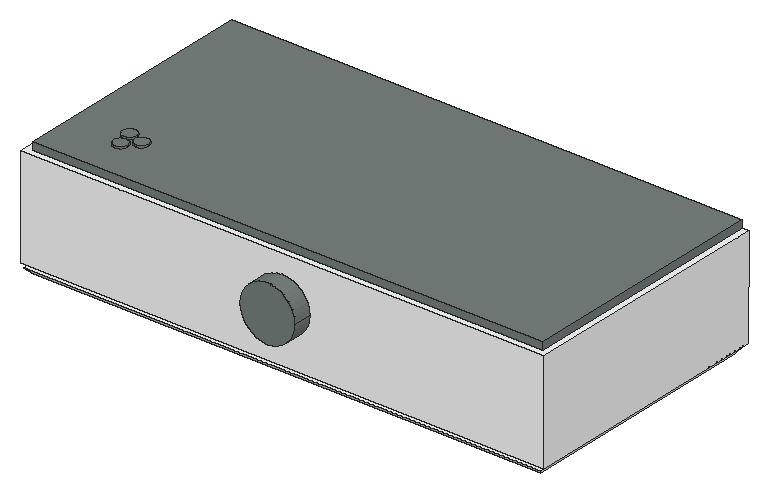
Revit family "AM 150 HHLDIDE", category Mechanical Equipment, Revit 2019
Family settings
  Round Connector Dimension = Use Diameter
  Part Type = Normal
  OmniClass Number = 23.75.00.00
  OmniClass Title = Climate Control (HVAC)
  Work Plane-Based = No
  Always vertical = Yes
  Cut with Voids When Loaded = No
  Shared = No
  Room Calculation Point = No
Parameters
  publication date = "09.10.2024"
  Weight (Standard Unit) = 47  # constant formula
  Water Heater Surface Return = 15 mm  # constant formula
  Water Heater Surface IN = 15 mm  # constant formula
  Version number = "1"
  URL = "https://www.airmaster-as.com/products/ventilation-units-wall-mounted/am-150"
  Total Width = 1170 mm  # constant formula
  Total Hight = 262 mm  # constant formula
  Suply Air In = 160 mm  # constant formula
  Return Air = 125 mm  # constant formula
  Phase 1 - Max Power Consumption = "1175 W"
  Phase 1 - Max Current = "7,97 A"
  Nominal current, electrical preheating surface = "4,35 A"
  Nominal current, electrical comfort heating surface = "2,17 A"
  Nominal current, air handling unit = "1,45 A"
  Network Conection = "AWG 24 CAT 5e STP"
  Model = "AM 150 HHLDIDE"
  Max. flow rate 35 dB(A) with ePM10 80% filters = 120.00 m³  # constant formula
  Max. flow rate 35 dB(A) with ePM10 55% filters = 137.00 m³  # constant formula
  Max. flow rate 35 dB(A) with ePM10 50% filters = 156.00 m³  # constant formula
  Max. flow rate 30 dB(A) with ePM10 80% filters = 91.00 m³  # constant formula
  Max. flow rate 30 dB(A) with ePM10 55% filters = 98.00 m³  # constant formula
  Max. flow rate 30 dB(A) with ePM10 50% filters = 123.00 m³  # constant formula
  Manufacturer = "Airmaster A/S"
  Maintenance [instance] = no
  Exhaust Air = 160 mm  # constant formula
  Total Depth = 571 mm  # constant formula
  Electrical connection = "1 ~ 230 V / N / PE / 50 Hz"
  Drawn By = "LSB"
  Condensate = 6 mm  # constant formula
  BMS Panel = "(PTS) 2x2x0,6"
  BMS Out = "(PTS) 2x2x0,6"
  BMS IN = "(PTS) 2x2x0,6"
  Airlow area [instance] = no
Reference planes
  plane 1 "Center (Front/Back)": y = 0
  plane 2: z = 0
  plane 3 "Center (Left/Right)": x = 0
  plane 4 "Center L/S": y = -571
  plane 5 "Center L/T": x = -585
  plane 6 "Center L/U": x = 585
  plane 7 "TOP": z = 262
  plane 8 "Center L/V": x = -570
  plane 9 "Center L/W": y = -556
  plane 10 "Center L/X": x = 570
  plane 11 "Panel Buttom": z = 20.747
  plane 12 "Panel Top": z = 246.501
  plane 13 "Hatch": z = 14.5
Forms (mm)
  Extrusion 1, solid, material "AM Grey"
    sketch origin (0, 0, 0) x (1, 0, 0) y (0, 1, 0)
      loop
        line (-570, 0) -> (-570, -556) -> (570, -556) -> (570, 0) -> (-570, 0)
    from 14.5 to 262
  Extrusion 2, solid, material "AM White"
    sketch origin (794.5, -1524, 20.747) x (0, -1, 0) y (-1, 0, 0)
      loop
        line (-953, 209.5) -> (-953, 1379.5) -> (-1524, 1379.5) -> (-1524, 1364.5) -> (-968, 1364.5) -> (-968, 224.5) -> (-1524, 224.5) -> (-1524, 209.5) -> (-953, 209.5)
    from 0 to -225.754
  Blend 3, solid, material "AM White"
    base sketch origin (-790.646, -1524, 14.5) x (0, -1, 0) y (1, 0, 0)
      loop
        line (-953, 212.613) -> (-953, 1368.657) -> (-1524, 1368.657) -> (-1524, 212.613) -> (-953, 212.613)
    top sketch origin (-790.646, -1524, 14.5) x (0, -1, 0) y (1, 0, 0)
      loop
        line (-968, 223.963) -> (-968, 1357.646) -> (-1509.161, 1357.646) -> (-1509.161, 223.963) -> (-968, 223.963)
    from 0 to -14.5
  Extrusion 4, solid, material "AM Grey"
    sketch origin (-570, 0, 15.499) x (1, 0, 0) y (0, 0, -1)
      loop
        circle (1050, -119.501) r 78
      loop
        circle (1050, -119.501) r 77.16
    from 0 to 18.45
  Extrusion 5, solid, material "AM Grey"
    sketch origin (-785, 0, 15.499) x (1, 0, 0) y (0, 0, -1)
      loop
        circle (305, -119.501) r 78
      loop
        circle (305, -119.501) r 77.16
    from 0 to 18.45
  Extrusion 6, solid, material "Maintenece", visible <- "Maintenance"
    sketch origin (-790.646, -1524, 0) x (1, 0, 0) y (0, -1, 0)
      loop
        line (205.646, -1524) -> (1375.646, -1524) -> (1375.646, -953) -> (205.646, -953) -> (205.646, -1524)
    from 0 to 1200
  Extrusion 7, solid, material "AM Grey"
    sketch origin (-876.982, -12.495, 262) x (1, 0, 0) y (0, 1, 0)
      loop
        circle (423.027, -417.273) r 15.55
    from 0 to 3
  Extrusion 8, solid, material "AM Grey"
    sketch origin (-866.134, 5.874, 262) x (1, 0, 0) y (0, 1, 0)
      loop
        circle (447.132, -446.023) r 15.55
    from 0 to 3
  Extrusion 9, solid, material "AM Grey"
    sketch origin (-855.713, -13.073, 262) x (1, 0, 0) y (0, 1, 0)
      loop
        circle (410.201, -452.535) r 15.55
    from 0 to 3
  Extrusion 10, solid, material "AM Grey"
    sketch origin (-585, 0, 20.747) x (0, -1, 0) y (0, 0, 1)
      loop
        circle (372, 125.253) r 62.5
    from 0 to 40
  Extrusion 11, solid, material "AM Grey"
    sketch origin (585, -571, 20.747) x (-1, 0, 0) y (0, 0, -1)
      loop
        circle (585, -122.253) r 61.5
    from 0 to 40
Dimensions and locks
  "Total Depth": plane 4 "Center L/S" to plane 1 "Center (Front/Back)"
  equal spacing: plane 5 "Center L/T", plane 3 "Center (Left/Right)", plane 6 "Center L/U"
  "Total Width": plane 5 "Center L/T" to plane 6 "Center L/U"
  "Total Hight": plane 7 "TOP" to level
  locked: plane 10 "Center L/X" to plane 6 "Center L/U" at 15
  locked: plane 4 "Center L/S" to plane 9 "Center L/W" at 15
  locked: plane 5 "Center L/T" to plane 8 "Center L/V" at 15
  Extrusion 1 to Blend 3 sketch curve = 14.839 mm
  plane 7 "TOP" to Extrusion 10 sketch curve = 116 mm
  plane 1 "Center (Front/Back)" to Extrusion 10 sketch curve = 372 mm
  Extrusion 11 sketch curve to plane 5 "Center L/T" = 585 mm
  plane 7 "TOP" to Extrusion 11 sketch curve = 119 mm
  "Return Air": diameter of Extrusion 10 sketch curve
  aligned and locked: level to plane 2
  aligned and locked: plane 1 "Center (Front/Back)" to Extrusion 1 sketch curve
  aligned and locked: plane 8 "Center L/V" to Extrusion 1 sketch curve
  aligned and locked: Extrusion 1 sketch curve to plane 9 "Center L/W"
  aligned and locked: Extrusion 1 sketch curve to plane 10 "Center L/X"
  aligned and locked: plane 7 "TOP" to Extrusion 1
  aligned and locked: plane 4 "Center L/S" to Extrusion 2 sketch curve
  aligned and locked: plane 6 "Center L/U" to Extrusion 2 sketch curve
  aligned and locked: Extrusion 2 sketch curve to Extrusion 1  (x2)
  aligned and locked: plane 1 "Center (Front/Back)" to Extrusion 2 sketch curve
  aligned and locked: Extrusion 2 to plane 12 "Panel Top"
  aligned and locked: Blend 3 to plane 2
  aligned and locked: plane 13 "Hatch" to Extrusion 1
Automatic sketch dimensions
  plane 1 "Center (Front/Back)" to Blend 3 sketch curve = 0 mm
  plane 4 "Center L/S" to Blend 3 sketch curve = 0 mm
  plane 5 "Center L/T" to Blend 3 sketch curve = 6.967 mm
  Blend 3 sketch curve to plane 6 "Center L/U" = 6.989 mm
  plane 9 "Center L/W" to Blend 3 sketch curve = 0 mm
  plane 8 "Center L/V" to Blend 3 sketch curve = 3.316 mm
  Blend 3 sketch curve to plane 10 "Center L/X" = 3 mm
  Extrusion 6 sketch curve to Blend 3 = 18.316 mm
  Extrusion 6 sketch curve to Blend 3 = 18 mm
  Extrusion 6 sketch curve to Blend 3 = 15 mm
  Extrusion 6 sketch curve to Blend 3 = 14.839 mm
  Extrusion 7 sketch curve to Extrusion 1 = 1023.955 mm
  Extrusion 7 sketch curve to Extrusion 1 = 126.232 mm
  Extrusion 8 sketch curve to Extrusion 1 = 989.002 mm
  Extrusion 8 sketch curve to Extrusion 1 = 115.851 mm
  Extrusion 9 sketch curve to Extrusion 1 = 1015.512 mm
  Extrusion 9 sketch curve to Extrusion 1 = 90.392 mm
  plane 1 "Center (Front/Back)" to Extrusion 2 sketch curve = 0 mm
  Extrusion 2 sketch curve to plane 8 "Center L/V" = 0 mm
  Extrusion 2 sketch curve to plane 5 "Center L/T" = 0 mm
  radius of Extrusion 7 sketch curve = 15.55 mm
  radius of Extrusion 8 sketch curve = 15.55 mm
  radius of Extrusion 9 sketch curve = 15.55 mm
  radius of Extrusion 11 sketch curve = 61.5 mm
Nested families
  nested 1: "Model Label 2019" at (0, -361.924, 0), Label <- "Model", type "Model Label 2019"
    with Label "AM 150 HHLDIDE"
Connectors
  electrical at (-453.955, -429.768, 262)
    settings: on Extrusion 7, index 13, voltage 230 V, apparent load 0 VA, apparent load phase1 0 VA, apparent load phase2 0 VA, apparent load phase3 0 VA, power factor 0.55, load classification "Other", number of poles 1, system type 30, power factor state 1, is connector primary yes, connector utility no, sub classification motor no, connector description ""
  electrical at (-419.002, -440.149, 262), driven by "BMS Out"
    settings: on Extrusion 8, index 14, voltage 0 V, apparent load 0 VA, apparent load phase1 0 VA, apparent load phase2 0 VA, apparent load phase3 0 VA, power factor 1, load classification "Other", number of poles 1, system type 5, power factor state 1, is connector primary no, connector utility no, sub classification motor no, connector description "(PTS) 2x2x0,6"
  electrical at (-445.512, -465.608, 262), driven by "BMS IN"
    settings: on Extrusion 9, index 15, voltage 0 V, apparent load 0 VA, apparent load phase1 0 VA, apparent load phase2 0 VA, apparent load phase3 0 VA, power factor 1, load classification "Other", number of poles 1, system type 5, power factor state 1, is connector primary no, connector utility no, sub classification motor no, connector description "(PTS) 2x2x0,6"
  hvac at (-585, -372, 146), driven by "Return Air"
    settings: on Extrusion 10, index 17, duct flow 0.0 L/s, flow factor 0, pres drop 0.0 Pa, loss coef 0, conn angle 0.00°, conn width 304.8 mm, conn height 304.8 mm, conn diameter 125 mm, duct sys type 2, conn prof type 0, flow config 0, flow direction 1, loss method 0, conn ref index -1, conn util no, is conn primary yes, conn desc ""
  hvac at (-480, 0, 135), driven by "Exhaust Air"
    settings: on Extrusion 5, index 18, duct flow 0.0 L/s, flow factor 0, pres drop 0.0 Pa, loss coef 0, conn angle 0.00°, conn width 304.8 mm, conn height 304.8 mm, conn diameter 160 mm, duct sys type 1, conn prof type 0, flow config 2, flow direction 2, loss method 0, conn ref index -1, conn util no, is conn primary no, conn desc ""
  hvac at (480, 0, 135), driven by "Suply Air In"
    settings: on Extrusion 4, index 19, duct flow 0.0 L/s, flow factor 0, pres drop 0.0 Pa, loss coef 0, conn angle 0.00°, conn width 304.8 mm, conn height 304.8 mm, conn diameter 160 mm, duct sys type 3, conn prof type 0, flow config 0, flow direction 1, loss method 0, conn ref index -1, conn util no, is conn primary no, conn desc ""
  hvac at (0, -571, 143), driven by "Return Air"
    settings: on Extrusion 11, index 20, duct flow 0.0 L/s, flow factor 0, pres drop 0.0 Pa, loss coef 0, conn angle 0.00°, conn width 304.8 mm, conn height 304.8 mm, conn diameter 125 mm, duct sys type 1, conn prof type 0, flow config 0, flow direction 0, loss method 0, conn ref index -1, conn util no, is conn primary no, conn desc ""
Definition of nested family "Model Label 2019"
  Parameters (values of type "Model Label 2019")
    Label [instance] = ""
  Reference planes
    plane 1: y = 0
    plane 2: x = 0
  Text (mm)
    label "Label" at (-0.131, 0.049, 0), shows "Label"
